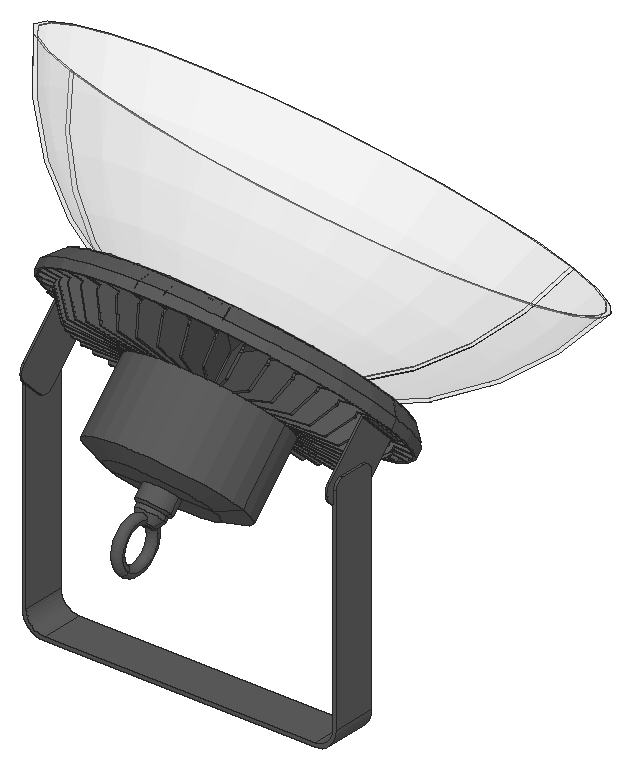
Revit family "0039347+0039353+0039358 Feilo Sylvania Lighting Fixture START HIGHBAY 4K 13KLM WIDE with BRACKET and PC LAMPSHADE TRANSPARENT", category Lighting Fixtures, host Face, Revit 2017
Family settings
  Host = Face
  Round Connector Dimension = Use Diameter
  Part Type = Normal
  OmniClass Number = 23.80.70.00
  OmniClass Title = Lighting
  Cut with Voids When Loaded = No
  Light Source = No
  Shared = No
  Room Calculation Point = No
Parameters (values of type "0039347+0039353+0039358 START HIGHBAY 4K 13KLM WIDE with BRACKET and PC LAMPSHADE TRANSPARENT ")
  Weight = "3.0 kg"
  Wattage Comments = ""
  WarrantyStartDate [instance] = "n/a"
  WarrantyGuarantorParts = "n/a"
  WarrantyDurationUnit = "n/a"
  WarrantyDurationParts = "n/a"
  WarrantyDescription = "n/a"
  Voltage = 230 V
  URL = "http://www.sylvania-lighting.com"
  TypeName = "START HIGHBAY 4K 13KLM WIDE with BRACKET and PC LAMPSHADE TRANSPARENT"
  TypeHead_FEILO = Start LED Highbay Head : 0039347+0039353+0039358 START HIGHBAY 4K 13KLM WIDE with BRACKET and PC LAMPSHADE TRANSPARENT 
  Type Image = <None>
  Type Comments = "n/a"
  TiltAngle_FEILO [instance] = 45.00°
  ThicknessBracketPlate_FEILO = 3 mm
  SizeBracketS_FEILO = yes
  SizeBracketM_FEILO = no
  SerialNumber [instance] = "n/a"
  RadiusBracketTop_FEILO = 7 mm
  RadiusBendOut_FEILO = if(SizeBracketS_FEILO, 18 mm, if(SizeBracketM_FEILO, 24 mm, 28 mm))  # 18 mm
  RadiusBendIn_FEILO = RadiusBendOut_FEILO - ThicknessBracketPlate_FEILO  # 15 mm
  Material_3_FEILO = none
  PowerFactor = 0.95
  PowerConsumption = "100 W"
  NominalLength = 270 mm
  NominalHeight = 170 mm
  NominalDepth = 270 mm
  Name = "START HIGHBAY 4K 13KLM WIDE with BRACKET and PC LAMPSHADE TRANSPARENT"
  ModelReference = Name  # "START HIGHBAY 4K 13KLM WIDE with BRACKET and PC LAMPSHADE TRANSPARENT"
  ModelNumber = "0039347+0039353+0039358"
  Model = Name  # "START HIGHBAY 4K 13KLM WIDE with BRACKET and PC LAMPSHADE TRANSPARENT"
  Material = "aluminium alloy housing, polycarbonate diffuser"
  ManufacturerName = "Feilo Sylvania"
  Manufacturer = "Feilo Sylvania"
  LuminousEfficacy = "130 lm/W"
  LuminaireType = ""
  LightOutputRatio = "n/a"
  LampsType = Lamp  # "LED"
  LampNominalLuminous = "13000 lm"
  LampMacAdamStep = "n/a"
  LampColourTemperature = "4000 K"
  LampColourRenderingIndex = "80"
  Lamp = "LED"
  Keynote = "16500"
  InstallationDate [instance] = "n/a"
  InputVoltage = "220-240V~"
  InputNominalFrequency = "50/60 Hz"
  IngressProtection = "IP65"
  ImpactProtectionIndex = "IK08"
  IfcExportType = "IfcLightFixtureType"
  IfcExportAs = "IfcLightFixtureType"
  ExpectedLife = 50000
  EndAngle_FEILO [instance] = TiltAngle_FEILO + 180.00°  # 225.00°
  ElectricShockClassification = "Class I"
  DurationUnit = "hours"
  DocumentationLiterature = "http://www.sylvania-lighting.com/product/en-int/products/0039347"
  DimmingControlOptions = "n/a"
  Material_2_FEILO = none
  Description = "START HIGHBAY, includes 1 m cables, black aluminium housing, 13000LM, 100W, 130lm/W, 4000K, Driver current: 2140mA, CR80, 90° beam angle, 1-10V dimmable,  IP65, IK08, 50,000 hrs (L70B50), (LxWxH) 270x270x170mm"
  Default Elevation = 1219.2 mm
  CreatedOn = "2/28/2018"
  CreatedBy = ""
  Cost = 0
  built-in parameter 1114216 [instance] = (empty or 0)
  ClassificationValue = "EF_70_80"
  ClassificationName = "Uniclass2015"
  Material_1_FEILO = Body-Sylvania-StartHighbay-Black
  BracketHeight_FEILO = if(SizeBracketS_FEILO, 199.5 mm, if(SizeBracketM_FEILO, 209.6 mm, 201.3 mm))  # 199.5 mm
  BracketDistanceInner_FEILO = if(SizeBracketS_FEILO, 249.4 mm, if(SizeBracketM_FEILO, 273.6 mm, 313.2 mm))  # 249.4 mm
  BarCode [instance] = "n/a"
  AssetType = "Fixed"
  AssetIdentifier [instance] = "n/a"
  Assembly Code = "D5020200"
  Apparent Load = 100 VA
  Material_4_FEILO = none
Reference planes
  plane 1 "Center (Front/Back)": y = 0
  plane 2: z = 0
  plane 3 "Center (Left/Right)": x = 0
  plane 4: x = -127.7
  plane 5: x = 127.7
  plane 6: z = 199.5
  plane 7: x = -124.7
  plane 8: z = 3
  plane 9: x = 124.7
  plane 10: y = 17.5
  plane 11: y = -17.5
  plane 12: y = -19.5
  plane 13: z = 201.5
  plane 14: y = 19.5
  plane 15: z = 190.5
Forms (mm)
  Extrusion 1, solid, material "Body-Sylvania-StartHighbay-Black" <- "Material_1_FEILO"
    sketch origin (0, 0, 0) x (1, 0, 0) y (0, 0, 1)
      loop
        line (-127.7, 199.5) -> (-127.7, 18)
        arc (-127.7, 18) -> (-122.428, 5.272) -> (-109.7, 0) r 18
        line (-109.7, 0) -> (109.7, 0)
        arc (109.7, 0) -> (122.428, 5.272) -> (127.7, 18) r 18
        line (127.7, 18) -> (127.7, 199.5) -> (124.7, 199.5) -> (124.7, 18)
        arc (124.7, 18) -> (120.307, 7.393) -> (109.7, 3) r 15
        line (109.7, 3) -> (-109.7, 3)
        arc (-109.7, 3) -> (-120.307, 7.393) -> (-124.7, 18) r 15
        line (-124.7, 18) -> (-124.7, 199.5) -> (-127.7, 199.5)
    from -17.5 to 17.5
  Extrusion 2, void
    sketch origin (0, 0, 0) x (0, 1, 0) y (0, 0, 1)
      loop
        arc (10.5, 199.5) -> (15.45, 197.45) -> (17.5, 192.5) r 7
        line (17.5, 192.5) -> (19.5, 192.5) -> (19.5, 201.5) -> (-19.5, 201.5) -> (-19.5, 192.5) -> (-17.5, 192.5)
        arc (-17.5, 192.5) -> (-15.45, 197.45) -> (-10.5, 199.5) r 7
        line (-10.5, 199.5) -> (10.5, 199.5)
    from -127.7 to 127.7
  Revolve 3, solid, not visible
    sketch origin (1223.4, -4572, 190.5) x (0, -1, 0) y (1, 0, 0)
      loop
        line (-4572, -1223.4) -> (-4591.5, -1223.4) -> (-4591.5, -1277.783) -> (-4572, -1277.783) -> (-4572, -1223.4)
      axis (-4572, -1223.4) -> (-4572, -1277.783)
    angle from 45 <- "TiltAngle_FEILO" to 225 <- "EndAngle_FEILO"
Cuts and joins
  Extrusion 2 cuts Extrusion 1
Dimensions and locks
  "BracketHeight_FEILO": plane 6 to plane 2
  equal spacing: plane 11, plane 1 "Center (Front/Back)", plane 10
  locked: plane 11 to plane 10 at 35
  equal spacing: plane 9, plane 3 "Center (Left/Right)", plane 7
  "BracketDistanceInner_FEILO": plane 9 to plane 7
  "ThicknessBracketPlate_FEILO": plane 7 to plane 4
  "ThicknessBracketPlate_FEILO": plane 8 to plane 2
  equal spacing: plane 5, plane 3 "Center (Left/Right)", plane 4
  equal spacing: plane 12, plane 1 "Center (Front/Back)", plane 14
  locked: plane 6 to plane 13 at 2
  locked: plane 12 to plane 11 at 2
  locked: plane 6 to plane 15 at 9
  "RadiusBendOut_FEILO": radius of Extrusion 1 sketch curve  (x2)
  "RadiusBendIn_FEILO": radius of Extrusion 1 sketch curve  (x2)
  "RadiusBracketTop_FEILO": radius of Extrusion 2 sketch curve  (x2)
  aligned and locked: plane 2 to host face
  aligned and locked: level to host face
  aligned and locked: Extrusion 1 sketch curve to plane 4
  aligned and locked: Extrusion 1 sketch curve to level
  aligned and locked: plane 6 to Extrusion 1 sketch curve
  aligned and locked: Extrusion 1 sketch curve to plane 6
  aligned and locked: Extrusion 1 sketch curve to plane 7
  aligned and locked: plane 9 to Extrusion 1 sketch curve
  aligned and locked: plane 8 to Extrusion 1 sketch curve
  aligned and locked: Extrusion 1 to plane 10
  aligned and locked: plane 11 to Extrusion 1
  aligned and locked: Extrusion 1 to Extrusion 2 sketch curve
  aligned and locked: plane 14 to Extrusion 2 sketch curve  (x2)
  aligned and locked: Extrusion 2 sketch curve to plane 12
  aligned and locked: plane 13 to Extrusion 2 sketch curve
  aligned and locked: plane 5 to Extrusion 2
  aligned and locked: Extrusion 2 to plane 4
  aligned and locked: Revolve 3 sketch curve to plane 1 "Center (Front/Back)"
  aligned and locked: Revolve 3 sketch curve to Revolve 3 sketch curve
  aligned and locked: plane 3 "Center (Left/Right)" to Revolve 3 sketch curve
  aligned and locked: Revolve 3 sketch curve to plane 14
  aligned and locked: nested 1 to plane 3 "Center (Left/Right)"
Automatic sketch dimensions
  host sketch curve to host sketch curve = 2438.4 mm  (x2)
  Revolve 3 sketch curve to Revolve 3 sketch curve = 54.383 mm
  Revolve 3 sketch curve to plane 4 = 1396.3 mm
  plane 5 to Revolve 3 sketch curve = 1396.3 mm
  Extrusion 1 sketch curve to Extrusion 1 sketch curve = 0 mm
  Extrusion 2 sketch curve to plane 11 = 0 mm
  Extrusion 2 sketch curve to plane 10 = 0 mm
Nested families
  nested 1: "Start LED Highbay Head" at (0, 0, 190.5) x (-1, 0, 0) z (0, 0.7071, 0.7071), type <- "TypeHead_FEILO", type "0039347+0039353+0039358 START HIGHBAY 4K 13KLM WIDE with BRACKET and PC LAMPSHADE TRANSPARENT "
    with built-in parameter 1114216 (empty or 0)
Connectors
  electrical at (0, 0, 0), driven by "Apparent Load", driven by "PowerFactor", driven by "Voltage"
    settings: index 1, voltage 230 V, apparent load 100 VA, apparent load phase1 0 VA, apparent load phase2 0 VA, apparent load phase3 0 VA, power factor 0.95, load classification "Lighting", number of poles 1, system type 30, power factor state 1, is connector primary yes, connector utility no, sub classification motor no, connector description ""
Definition of nested family "Start LED Highbay Head"
  Parameters (values of type "0039351+0039354+0039358 START HIGHBAY 6K 19KLM WIDE with BRACKET and PC LAMPSHADE TRANSPARENT ")
    X_FEILO = if(SizeS_FEILO, 60.3 mm, if(SizeM_FEILO, 70.4 mm, 83.5 mm))  # 70.4 mm
    WidthStraight_FEILO = if(SizeS_FEILO, 3 mm, if(SizeM_FEILO, 4 mm, 4.7 mm))  # 4 mm
    WidthRingChamfer_FEILO = if(SizeS_FEILO, 10.3 mm, if(SizeM_FEILO, 11.2 mm, 12.9 mm))  # 11.2 mm
    WidthCurved_FEILO = if(SizeS_FEILO, 17.4 mm, if(SizeM_FEILO, 16.4 mm, 26.2 mm))  # 16.4 mm
    WidthCurvedRing_FEILO = if(SizeS_FEILO, 3 mm, if(SizeM_FEILO, 4 mm, 4.7 mm))  # 4 mm
    WidthBracket_FEILO = 40 mm
    Wattage Comments = ""
    Wattage = 150 W
    built-in parameter 1150110 = 1 (stored number, unit not read)
    URL = "http://www.feilosylvania.com"
    Type Image = (empty or 0)
    Type Comments = "n/a"
    built-in parameter 1114217 = 1 (stored number, unit not read)
    Tilt Angle = -90.00°
    ThicknessWall_FEILO = 1.5 mm
    ThicknessBracket_FEILO = 1.5 mm
    ThicknessBracketHalf_FEILO = ThicknessBracket_FEILO / 2  # 0.75 mm
    built-in parameter 1150109 = 1 (stored number, unit not read)
    built-in parameter 1150134 = 1
    built-in parameter 1150113 = 1 (stored number, unit not read)
    SizeS_FEILO = no
    SizeM_FEILO = yes
    ShadeThickness_FEILO = 3 mm
    ShadeSizeSM_FEILO = or(SizeS_FEILO, SizeM_FEILO)  # yes
    ShadeRadiusOut_FEILO = 205 mm
    ShadeRadiusIn_FEILO = if(ShadeSizeSM_FEILO, 95 mm, 121 mm)  # 95 mm
    ShadeRadiusBend_FEILO = if(ShadeSizeSM_FEILO, 210 mm, 210 mm)  # 210 mm
    ShadeOn_FEILO = yes
    ShadeHeight_FEILO = if(ShadeSizeSM_FEILO, 120 mm, 151 mm)  # 120 mm
    Rib4_FEILO = if(SizeS_FEILO, 18.1 mm, if(SizeM_FEILO, 13.6 mm, 14.6 mm))  # 13.6 mm
    Rib3_FEILO = if(SizeS_FEILO, 15.3 mm, if(SizeM_FEILO, 17.6 mm, 20.2 mm))  # 17.6 mm
    Rib2_FEILO = if(SizeS_FEILO, 3.6 mm, if(SizeM_FEILO, 3.9 mm, 4.5 mm))  # 3.9 mm
    Rib1_FEILO = if(SizeS_FEILO, 15.1 mm, if(SizeM_FEILO, 16.5 mm, 19 mm))  # 16.5 mm
    RadiusDiffuser_FEILO = if(SizeS_FEILO, 95.2 mm, if(SizeM_FEILO, 105.3 mm, 120 mm))  # 105.3 mm
    RadiusArrayPost_FEILO = DriverRadius_FEILO - 6 mm  # 61.2 mm
    RHRadius3_FEILO = if(SizeS_FEILO, 6.6 mm, if(SizeM_FEILO, 7.4 mm, 8.6 mm))  # 7.4 mm
    RHRadius2_FEILO = if(SizeS_FEILO, 11 mm, if(SizeM_FEILO, 12 mm, 14 mm))  # 12 mm
    RHRadius1_FEILO = if(SizeS_FEILO, 13.6 mm, if(SizeM_FEILO, 14.9 mm, 17.7 mm))  # 14.9 mm
    RHHeight4_FEILO = if(SizeS_FEILO, 7.3 mm, if(SizeM_FEILO, 8 mm, 9.2 mm))  # 8 mm
    RHHeight3_FEILO = if(SizeS_FEILO, 3.6 mm, if(SizeM_FEILO, 3.7 mm, 4.6 mm))  # 3.7 mm
    RHHeight2_FEILO = if(SizeS_FEILO, 2 mm, if(SizeM_FEILO, 2.2 mm, 2.6 mm))  # 2.2 mm
    RHHeight1_FEILO = if(SizeS_FEILO, 11.8 mm, if(SizeM_FEILO, 15.3 mm, 17.4 mm))  # 15.3 mm
    Photometric Web File = "0039351+0039358.ies"
    Material_5_FEILO = none
    Material_3_FEILO = none
    Model = "START HIGHBAY 6K 19KLM WIDE with BRACKET and PC LAMPSHADE TRANSPARENT"
    Manufacturer = "Feilo Sylvania"
    built-in parameter 1150105 = 10854.2 (stored number, unit not read)
    Lumens = 19500 lm
    built-in parameter 1150115 = 1 (stored number, unit not read)
    built-in parameter 1150137 = (empty or 0)
    built-in parameter 1150139 = (empty or 0)
    built-in parameter 1150112 = 1 (stored number, unit not read)
    built-in parameter 1150114 = 1 (stored number, unit not read)
    Lamp = "LED"
    Keynote = "16500"
    built-in parameter 1150132 = (empty or 0)
    built-in parameter 1150102 = (empty or 0)
    built-in parameter 1150107 = 6500 (stored number, unit not read)
    built-in parameter 1150138 = (empty or 0)
    built-in parameter 1150106 = 108.54 (stored number, unit not read)
    HeightRing_FEILO = if(SizeS_FEILO, 19.8 mm, if(SizeM_FEILO, 32 mm, 36.8 mm))  # 32 mm
    HeightRingChamfer_FEILO = if(SizeS_FEILO, 11.7 mm, if(SizeM_FEILO, 23.2 mm, 26.6 mm))  # 23.2 mm
    EyeThickness_FEILO = if(SizeS_FEILO, 8.4 mm, if(SizeM_FEILO, 9.2 mm, 10.5 mm))  # 9.2 mm
    EyeThicknessHalf_FEILO = EyeThickness_FEILO / 2  # 4.6 mm
    EyeInner_FEILO = if(SizeS_FEILO, 13.8 mm, if(SizeM_FEILO, 15.1 mm, 17.3 mm))  # 15.1 mm
    Emit from Circle Diameter = RadiusDiffuser_FEILO * 2  # 210.6 mm
    Emit Shape Visible in Rendering = no
    built-in parameter 1150104 = 12.077 (stored number, unit not read)
    DriverVerticalStraight_FEILO = if(SizeS_FEILO, 46.5 mm, if(SizeM_FEILO, 49.7 mm, 57 mm))  # 49.7 mm
    DriverVerticalChamfer_FEILO = if(SizeS_FEILO, 7.5 mm, if(SizeM_FEILO, 8.2 mm, 9.5 mm))  # 8.2 mm
    DriverRadius_FEILO = if(SizeS_FEILO, 61.4 mm, if(SizeM_FEILO, 67.2 mm, 76.4 mm))  # 67.2 mm
    DriverRadiusTop_FEILO = if(SizeS_FEILO, 42 mm, if(SizeM_FEILO, 45.3 mm, 52.4 mm))  # 45.3 mm
    DriverBottom_FEILO = if(SizeS_FEILO, 56 mm, if(SizeM_FEILO, 64.5 mm, 74 mm))  # 64.5 mm
    Material_2_FEILO = none
    Radius_FEILO = if(SizeS_FEILO, 135 mm, if(SizeM_FEILO, 148 mm, 169.5 mm))  # 148 mm
    Dimming Lamp Color Temperature Shift = (empty or 0)
    DiameterWire_FEILO = 3 mm
    DiameterWireSupport_FEILO = 10 mm
    Description = "START HIGHBAY, includes 1 m cables, black aluminium housing, 19500LM, 150W, 130lm/W, 6500K, Driver current: 2140mA, CR80, 60° beam angle, 1-10V dimmable,  IP65, IK08, 50,000 hrs (L70B50), (LxWxH) 296x296x177mm"
    Default Elevation = 1219.2 mm
    Cost = 0
    Color Filter = 16777215
    built-in parameter 1114216 [instance] = (empty or 0)
    Material_1_FEILO = none
    built-in parameter 1114218 = 1 (stored number, unit not read)
    built-in parameter 1150133 = 10 (stored number, unit not read)
    Assembly Code = "D5020200"
    Apparent Load = 150 VA
    Material_4_FEILO = none
  Types (36, lengths in mm): name | X_FEILO | WidthStraight_FEILO | WidthRingChamfer_FEILO | WidthCurved_FEILO | WidthCurvedRing_FEILO | Wattage | built-in parameter 1150134 | SizeS_FEILO | SizeM_FEILO | ShadeSizeSM_FEILO | ShadeRadiusIn_FEILO | ShadeOn_FEILO | ShadeHeight_FEILO | Rib4_FEILO | Rib3_FEILO | Rib2_FEILO | Rib1_FEILO | RadiusDiffuser_FEILO | RadiusArrayPost_FEILO | RHRadius3_FEILO | RHRadius2_FEILO | RHRadius1_FEILO | RHHeight4_FEILO | RHHeight3_FEILO | RHHeight2_FEILO | RHHeight1_FEILO | Photometric Web File | Model | built-in parameter 1150105 | Lumens | built-in parameter 1150107 | built-in parameter 1150106 | HeightRing_FEILO | HeightRingChamfer_FEILO | EyeThickness_FEILO | EyeThicknessHalf_FEILO | EyeInner_FEILO | Emit from Circle Diameter | DriverVerticalStraight_FEILO | DriverVerticalChamfer_FEILO | DriverRadius_FEILO | DriverRadiusTop_FEILO | DriverBottom_FEILO | Radius_FEILO | Description | Apparent Load
    0039352+0039355+0039361 START HIGHBAY 6K 26KLM WIDE with BRACKET and PC LAMPSHADE TRANSPARENT | 83.5 | 4.7 | 12.9 | 26.2 | 4.7 | 200 W | 1 | no | no | no | 121 | yes | 151 | 14.6 | 20.2 | 4.5 | 19 | 120 | 70.4 | 8.6 | 14 | 17.7 | 9.2 | 4.6 | 2.6 | 17.4 | "0039352+0039361.ies" | "START HIGHBAY 6K 26KLM WIDE with BRACKET and PC LAMPSHADE TRANSPARENT" | 17911 (stored number, unit not read) | 26000 lm | 6500 (stored number, unit not read) | 179.11 (stored number, unit not read) | 36.8 | 26.6 | 10.5 | 5.25 | 17.3 | 240 | 57 | 9.5 | 76.4 | 52.4 | 74 | 169.5 | "START HIGHBAY, includes 1 m cables, black aluminium housing, 26000LM, 200W, 130lm/W, 6500K, Driver current: 5000mA, CR80, 60° beam angle, 1-10V dimmable,  IP65, IK08, 50,000 hrs (L70B50), (LxWxH) 339x339x194mm" | 200 VA
    0039352+0039355+0039360 START HIGHBAY 6K 26KLM WIDE with BRACKET and ALU SHADE BLACK COLOR | 83.5 | 4.7 | 12.9 | 26.2 | 4.7 | 200 W | 1 | no | no | no | 121 | yes | 151 | 14.6 | 20.2 | 4.5 | 19 | 120 | 70.4 | 8.6 | 14 | 17.7 | 9.2 | 4.6 | 2.6 | 17.4 | "0039352+0039360.ies" | "START HIGHBAY 6K 26KLM WIDE with BRACKET and ALU SHADE BLACK COLOR" | 14870 (stored number, unit not read) | 26000 lm | 6500 (stored number, unit not read) | 148.7 (stored number, unit not read) | 36.8 | 26.6 | 10.5 | 5.25 | 17.3 | 240 | 57 | 9.5 | 76.4 | 52.4 | 74 | 169.5 | "START HIGHBAY, includes 1 m cables, black aluminium housing, 26000LM, 200W, 130lm/W, 6500K, Driver current: 5000mA, CR80, 60° beam angle, 1-10V dimmable,  IP65, IK08, 50,000 hrs (L70B50), (LxWxH) 339x339x194mm" | 200 VA
    0039352+0039355+0039359 START HIGHBAY 6K 26KLM WIDE with BRACKET and ALU SHADE ALU COLOR | 83.5 | 4.7 | 12.9 | 26.2 | 4.7 | 200 W | 1 | no | no | no | 121 | yes | 151 | 14.6 | 20.2 | 4.5 | 19 | 120 | 70.4 | 8.6 | 14 | 17.7 | 9.2 | 4.6 | 2.6 | 17.4 | "0039352+0039359.ies" | "START HIGHBAY 6K 26KLM WIDE with BRACKET and ALU SHADE ALU COLOR" | 14870 (stored number, unit not read) | 26000 lm | 6500 (stored number, unit not read) | 148.7 (stored number, unit not read) | 36.8 | 26.6 | 10.5 | 5.25 | 17.3 | 240 | 57 | 9.5 | 76.4 | 52.4 | 74 | 169.5 | "START HIGHBAY, includes 1 m cables, black aluminium housing, 26000LM, 200W, 130lm/W, 6500K, Driver current: 5000mA, CR80, 60° beam angle, 1-10V dimmable,  IP65, IK08, 50,000 hrs (L70B50), (LxWxH) 339x339x194mm" | 200 VA
    0039352+0039355 START HIGHBAY 6K 26KLM WIDE with BRACKET | 83.5 | 4.7 | 12.9 | 26.2 | 4.7 | 200 W | 1 | no | no | no | 121 | no | 151 | 14.6 | 20.2 | 4.5 | 19 | 120 | 70.4 | 8.6 | 14 | 17.7 | 9.2 | 4.6 | 2.6 | 17.4 | "0039352.ies" | "START HIGHBAY 6K 26KLM WIDE with BRACKET" | 13836.2 (stored number, unit not read) | 26000 lm | 6500 (stored number, unit not read) | 138.36 (stored number, unit not read) | 36.8 | 26.6 | 10.5 | 5.25 | 17.3 | 240 | 57 | 9.5 | 76.4 | 52.4 | 74 | 169.5 | "START HIGHBAY, includes 1 m cables, black aluminium housing, 26000LM, 200W, 130lm/W, 6500K, Driver current: 5000mA, CR80, 60° beam angle, 1-10V dimmable,  IP65, IK08, 50,000 hrs (L70B50), (LxWxH) 339x339x194mm" | 200 VA
    0039351+0039354+0039358 START HIGHBAY 6K 19KLM WIDE with BRACKET and PC LAMPSHADE TRANSPARENT | 70.4 | 4 | 11.2 | 16.4 | 4 | 150 W | 1 | no | yes | yes | 95 | yes | 120 | 13.6 | 17.6 | 3.9 | 16.5 | 105.3 | 61.2 | 7.4 | 12 | 14.9 | 8 | 3.7 | 2.2 | 15.3 | "0039351+0039358.ies" | "START HIGHBAY 6K 19KLM WIDE with BRACKET and PC LAMPSHADE TRANSPARENT" | 10854.2 (stored number, unit not read) | 19500 lm | 6500 (stored number, unit not read) | 108.54 (stored number, unit not read) | 32 | 23.2 | 9.2 | 4.6 | 15.1 | 210.6 | 49.7 | 8.2 | 67.2 | 45.3 | 64.5 | 148 | "START HIGHBAY, includes 1 m cables, black aluminium housing, 19500LM, 150W, 130lm/W, 6500K, Driver current: 2140mA, CR80, 60° beam angle, 1-10V dimmable,  IP65, IK08, 50,000 hrs (L70B50), (LxWxH) 296x296x177mm" | 150 VA
    0039351+0039354+0039357 START HIGHBAY 6K 19KLM WIDE with BRACKET and ALU SHADE BLACK COLOR | 70.4 | 4 | 11.2 | 16.4 | 4 | 150 W | 1 | no | yes | yes | 95 | yes | 120 | 13.6 | 17.6 | 3.9 | 16.5 | 105.3 | 61.2 | 7.4 | 12 | 14.9 | 8 | 3.7 | 2.2 | 15.3 | "0039351+0039357.ies" | "START HIGHBAY 6K 19KLM WIDE with BRACKET and ALU SHADE BLACK COLOR" | 11152.5 (stored number, unit not read) | 19500 lm | 6500 (stored number, unit not read) | 111.52 (stored number, unit not read) | 32 | 23.2 | 9.2 | 4.6 | 15.1 | 210.6 | 49.7 | 8.2 | 67.2 | 45.3 | 64.5 | 148 | "START HIGHBAY, includes 1 m cables, black aluminium housing, 19500LM, 150W, 130lm/W, 6500K, Driver current: 2140mA, CR80, 60° beam angle, 1-10V dimmable,  IP65, IK08, 50,000 hrs (L70B50), (LxWxH) 296x296x177mm" | 150 VA
    0039351+0039354+0039356 START HIGHBAY 6K 19KLM WIDE with BRACKET and ALU SHADE ALU COLOR | 70.4 | 4 | 11.2 | 16.4 | 4 | 150 W | 1 | no | yes | yes | 95 | yes | 120 | 13.6 | 17.6 | 3.9 | 16.5 | 105.3 | 61.2 | 7.4 | 12 | 14.9 | 8 | 3.7 | 2.2 | 15.3 | "0039351+0039356.ies" | "START HIGHBAY 6K 19KLM WIDE with BRACKET and ALU SHADE ALU COLOR" | 11152.5 (stored number, unit not read) | 19500 lm | 6500 (stored number, unit not read) | 111.52 (stored number, unit not read) | 32 | 23.2 | 9.2 | 4.6 | 15.1 | 210.6 | 49.7 | 8.2 | 67.2 | 45.3 | 64.5 | 148 | "START HIGHBAY, includes 1 m cables, black aluminium housing, 19500LM, 150W, 130lm/W, 6500K, Driver current: 2140mA, CR80, 60° beam angle, 1-10V dimmable,  IP65, IK08, 50,000 hrs (L70B50), (LxWxH) 296x296x177mm" | 150 VA
    0039351+0039354 START HIGHBAY 6K 19KLM WIDE with BRACKET | 70.4 | 4 | 11.2 | 16.4 | 4 | 150 W | 1 | no | yes | yes | 95 | no | 120 | 13.6 | 17.6 | 3.9 | 16.5 | 105.3 | 61.2 | 7.4 | 12 | 14.9 | 8 | 3.7 | 2.2 | 15.3 | "0039351.ies" | "START HIGHBAY 6K 19KLM WIDE with BRACKET" | 10377.1 (stored number, unit not read) | 19500 lm | 6500 (stored number, unit not read) | 103.77 (stored number, unit not read) | 32 | 23.2 | 9.2 | 4.6 | 15.1 | 210.6 | 49.7 | 8.2 | 67.2 | 45.3 | 64.5 | 148 | "START HIGHBAY, includes 1 m cables, black aluminium housing, 19500LM, 150W, 130lm/W, 6500K, Driver current: 2140mA, CR80, 60° beam angle, 1-10V dimmable,  IP65, IK08, 50,000 hrs (L70B50), (LxWxH) 296x296x177mm" | 150 VA
    0039350+0039353+0039358 START HIGHBAY 6K 13KLM WIDE with BRACKET and PC LAMPSHADE TRANSPARENT | 60.3 | 3 | 10.3 | 17.4 | 3 | 100 W | 1 | yes | no | yes | 95 | yes | 120 | 18.1 | 15.3 | 3.6 | 15.1 | 95.2 | 55.4 | 6.6 | 11 | 13.6 | 7.3 | 3.6 | 2 | 11.8 | "0039350+0039358.ies" | "START HIGHBAY 6K 13KLM WIDE with BRACKET and PC LAMPSHADE TRANSPARENT" | 7236.1 (stored number, unit not read) | 13000 lm | 6500 (stored number, unit not read) | 72.361 (stored number, unit not read) | 19.8 | 11.7 | 8.4 | 4.2 | 13.8 | 190.4 | 46.5 | 7.5 | 61.4 | 42 | 56 | 135 | "START HIGHBAY, includes 1 m cables, black aluminium housing, 13000LM, 100W, 130lm/W, 6500K, Driver current: 2140mA, CR80, 60° beam angle, 1-10V dimmable,  IP65, IK08, 50,000 hrs (L70B50), (LxWxH) 270x270x170mm" | 100 VA
    0039350+0039353+0039357 START HIGHBAY 6K 13KLM WIDE with BRACKET and ALU SHADE BLACK COLOR | 60.3 | 3 | 10.3 | 17.4 | 3 | 100 W | 1 | yes | no | yes | 95 | yes | 120 | 18.1 | 15.3 | 3.6 | 15.1 | 95.2 | 55.4 | 6.6 | 11 | 13.6 | 7.3 | 3.6 | 2 | 11.8 | "0039350+0039357.ies" | "START HIGHBAY 6K 13KLM WIDE with BRACKET and ALU SHADE BLACK COLOR" | 7435 (stored number, unit not read) | 13000 lm | 6500 (stored number, unit not read) | 74.35 (stored number, unit not read) | 19.8 | 11.7 | 8.4 | 4.2 | 13.8 | 190.4 | 46.5 | 7.5 | 61.4 | 42 | 56 | 135 | "START HIGHBAY, includes 1 m cables, black aluminium housing, 13000LM, 100W, 130lm/W, 6500K, Driver current: 2140mA, CR80, 60° beam angle, 1-10V dimmable,  IP65, IK08, 50,000 hrs (L70B50), (LxWxH) 270x270x170mm" | 100 VA
    0039350+0039353+0039356 START HIGHBAY 6K 13KLM WIDE with BRACKET and ALU SHADE ALU COLOR | 60.3 | 3 | 10.3 | 17.4 | 3 | 100 W | 1 | yes | no | yes | 95 | yes | 120 | 18.1 | 15.3 | 3.6 | 15.1 | 95.2 | 55.4 | 6.6 | 11 | 13.6 | 7.3 | 3.6 | 2 | 11.8 | "0039350+0039356.ies" | "START HIGHBAY 6K 13KLM WIDE with BRACKET and ALU SHADE ALU COLOR" | 7435 (stored number, unit not read) | 13000 lm | 6500 (stored number, unit not read) | 74.35 (stored number, unit not read) | 19.8 | 11.7 | 8.4 | 4.2 | 13.8 | 190.4 | 46.5 | 7.5 | 61.4 | 42 | 56 | 135 | "START HIGHBAY, includes 1 m cables, black aluminium housing, 13000LM, 100W, 130lm/W, 6500K, Driver current: 2140mA, CR80, 60° beam angle, 1-10V dimmable,  IP65, IK08, 50,000 hrs (L70B50), (LxWxH) 270x270x170mm" | 100 VA
    0039350+0039353 START HIGHBAY 6K 13KLM WIDE with BRACKET | 60.3 | 3 | 10.3 | 17.4 | 3 | 100 W | 1 | yes | no | yes | 95 | no | 120 | 18.1 | 15.3 | 3.6 | 15.1 | 95.2 | 55.4 | 6.6 | 11 | 13.6 | 7.3 | 3.6 | 2 | 11.8 | "0039350.ies" | "START HIGHBAY 6K 13KLM WIDE with BRACKET" | 6918.1 (stored number, unit not read) | 13000 lm | 6500 (stored number, unit not read) | 69.181 (stored number, unit not read) | 19.8 | 11.7 | 8.4 | 4.2 | 13.8 | 190.4 | 46.5 | 7.5 | 61.4 | 42 | 56 | 135 | "START HIGHBAY, includes 1 m cables, black aluminium housing, 13000LM, 100W, 130lm/W, 6500K, Driver current: 2140mA, CR80, 60° beam angle, 1-10V dimmable,  IP65, IK08, 50,000 hrs (L70B50), (LxWxH) 270x270x170mm" | 100 VA
    0039349+0039355+0039361 START HIGHBAY 4K 26KLM WIDE with BRACKET and PC LAMPSHADE TRANSPARENT FOR | 83.5 | 4.7 | 12.9 | 26.2 | 4.7 | 200 W | 12 | no | no | no | 121 | yes | 151 | 14.6 | 20.2 | 4.5 | 19 | 120 | 70.4 | 8.6 | 14 | 17.7 | 9.2 | 4.6 | 2.6 | 17.4 | "0039349+0039361.ies" | "START HIGHBAY 4K 26KLM WIDE with BRACKET and PC LAMPSHADE TRANSPARENT FOR" | 17911 (stored number, unit not read) | 26000 lm | 4000 (stored number, unit not read) | 179.11 (stored number, unit not read) | 36.8 | 26.6 | 10.5 | 5.25 | 17.3 | 240 | 57 | 9.5 | 76.4 | 52.4 | 74 | 169.5 | "START HIGHBAY, includes 1 m cables, black aluminium housing, 26000LM, 200W, 130lm/W, 4000K, Driver current: 5000mA, CR80, 90° beam angle, 1-10V dimmable,  IP65, IK08, 50,000 hrs (L70B50), (LxWxH) 339x339x194mm" | 200 VA
    0039349+0039355+0039360 START HIGHBAY 4K 26KLM WIDE with BRACKET and ALU SHADE BLACK COLOR | 83.5 | 4.7 | 12.9 | 26.2 | 4.7 | 200 W | 12 | no | no | no | 121 | yes | 151 | 14.6 | 20.2 | 4.5 | 19 | 120 | 70.4 | 8.6 | 14 | 17.7 | 9.2 | 4.6 | 2.6 | 17.4 | "0039349+0039360.ies" | "START HIGHBAY 4K 26KLM WIDE with BRACKET and ALU SHADE BLACK COLOR" | 14870 (stored number, unit not read) | 26000 lm | 4000 (stored number, unit not read) | 148.7 (stored number, unit not read) | 36.8 | 26.6 | 10.5 | 5.25 | 17.3 | 240 | 57 | 9.5 | 76.4 | 52.4 | 74 | 169.5 | "START HIGHBAY, includes 1 m cables, black aluminium housing, 26000LM, 200W, 130lm/W, 4000K, Driver current: 5000mA, CR80, 90° beam angle, 1-10V dimmable,  IP65, IK08, 50,000 hrs (L70B50), (LxWxH) 339x339x194mm" | 200 VA
    0039349+0039355+0039359 START HIGHBAY 4K 26KLM WIDE with BRACKET and ALU SHADE ALU COLOR | 83.5 | 4.7 | 12.9 | 26.2 | 4.7 | 200 W | 12 | no | no | no | 121 | yes | 151 | 14.6 | 20.2 | 4.5 | 19 | 120 | 70.4 | 8.6 | 14 | 17.7 | 9.2 | 4.6 | 2.6 | 17.4 | "0039349+0039359.ies" | "START HIGHBAY 4K 26KLM WIDE with BRACKET and ALU SHADE ALU COLOR" | 14870 (stored number, unit not read) | 26000 lm | 4000 (stored number, unit not read) | 148.7 (stored number, unit not read) | 36.8 | 26.6 | 10.5 | 5.25 | 17.3 | 240 | 57 | 9.5 | 76.4 | 52.4 | 74 | 169.5 | "START HIGHBAY, includes 1 m cables, black aluminium housing, 26000LM, 200W, 130lm/W, 4000K, Driver current: 5000mA, CR80, 90° beam angle, 1-10V dimmable,  IP65, IK08, 50,000 hrs (L70B50), (LxWxH) 339x339x194mm" | 200 VA
    0039349+0039355 START HIGHBAY 4K 26KLM WIDE with BRACKET | 83.5 | 4.7 | 12.9 | 26.2 | 4.7 | 200 W | 12 | no | no | no | 121 | no | 151 | 14.6 | 20.2 | 4.5 | 19 | 120 | 70.4 | 8.6 | 14 | 17.7 | 9.2 | 4.6 | 2.6 | 17.4 | "0039349.ies" | "START HIGHBAY 4K 26KLM WIDE with BRACKET" | 13836.2 (stored number, unit not read) | 26000 lm | 4000 (stored number, unit not read) | 138.36 (stored number, unit not read) | 36.8 | 26.6 | 10.5 | 5.25 | 17.3 | 240 | 57 | 9.5 | 76.4 | 52.4 | 74 | 169.5 | "START HIGHBAY, includes 1 m cables, black aluminium housing, 26000LM, 200W, 130lm/W, 4000K, Driver current: 5000mA, CR80, 90° beam angle, 1-10V dimmable,  IP65, IK08, 50,000 hrs (L70B50), (LxWxH) 339x339x194mm" | 200 VA
    0039348+0039354+0039358 START HIGHBAY 4K 19KLM WIDE with BRACKET and PC LAMPSHADE TRANSPARENT | 70.4 | 4 | 11.2 | 16.4 | 4 | 150 W | 12 | no | yes | yes | 95 | yes | 120 | 13.6 | 17.6 | 3.9 | 16.5 | 105.3 | 61.2 | 7.4 | 12 | 14.9 | 8 | 3.7 | 2.2 | 15.3 | "0039348+0039358.ies" | "START HIGHBAY 4K 19KLM WIDE with BRACKET and PC LAMPSHADE TRANSPARENT" | 10854.2 (stored number, unit not read) | 19500 lm | 4000 (stored number, unit not read) | 108.54 (stored number, unit not read) | 32 | 23.2 | 9.2 | 4.6 | 15.1 | 210.6 | 49.7 | 8.2 | 67.2 | 45.3 | 64.5 | 148 | "START HIGHBAY, includes 1 m cables, black aluminium housing, 19500LM, 150W, 130lm/W, 4000K, Driver current: 3210mA, CR80, 90° beam angle, 1-10V dimmable,  IP65, IK08, 50,000 hrs (L70B50), (LxWxH) 296x296x177mm" | 150 VA
    0039348+0039354+0039357 START HIGHBAY 4K 19KLM WIDE with BRACKET and ALU SHADE BLACK COLOR | 70.4 | 4 | 11.2 | 16.4 | 4 | 150 W | 12 | no | yes | yes | 95 | yes | 120 | 13.6 | 17.6 | 3.9 | 16.5 | 105.3 | 61.2 | 7.4 | 12 | 14.9 | 8 | 3.7 | 2.2 | 15.3 | "0039348+0039357.ies" | "START HIGHBAY 4K 19KLM WIDE with BRACKET and ALU SHADE BLACK COLOR" | 11152.5 (stored number, unit not read) | 19500 lm | 4000 (stored number, unit not read) | 111.52 (stored number, unit not read) | 32 | 23.2 | 9.2 | 4.6 | 15.1 | 210.6 | 49.7 | 8.2 | 67.2 | 45.3 | 64.5 | 148 | "START HIGHBAY, includes 1 m cables, black aluminium housing, 19500LM, 150W, 130lm/W, 4000K, Driver current: 3210mA, CR80, 90° beam angle, 1-10V dimmable,  IP65, IK08, 50,000 hrs (L70B50), (LxWxH) 296x296x177mm" | 150 VA
    0039348+0039354+0039356 START HIGHBAY 4K 19KLM WIDE with BRACKET and ALU SHADE ALU COLOR | 70.4 | 4 | 11.2 | 16.4 | 4 | 150 W | 12 | no | yes | yes | 95 | yes | 120 | 13.6 | 17.6 | 3.9 | 16.5 | 105.3 | 61.2 | 7.4 | 12 | 14.9 | 8 | 3.7 | 2.2 | 15.3 | "0039348+0039356.ies" | "START HIGHBAY 4K 19KLM WIDE with BRACKET and ALU SHADE ALU COLOR" | 11152.5 (stored number, unit not read) | 19500 lm | 4000 (stored number, unit not read) | 111.52 (stored number, unit not read) | 32 | 23.2 | 9.2 | 4.6 | 15.1 | 210.6 | 49.7 | 8.2 | 67.2 | 45.3 | 64.5 | 148 | "START HIGHBAY, includes 1 m cables, black aluminium housing, 19500LM, 150W, 130lm/W, 4000K, Driver current: 3210mA, CR80, 90° beam angle, 1-10V dimmable,  IP65, IK08, 50,000 hrs (L70B50), (LxWxH) 296x296x177mm" | 150 VA
    0039348+0039354 START HIGHBAY 4K 19KLM WIDE with BRACKET | 70.4 | 4 | 11.2 | 16.4 | 4 | 150 W | 12 | no | yes | yes | 95 | no | 120 | 13.6 | 17.6 | 3.9 | 16.5 | 105.3 | 61.2 | 7.4 | 12 | 14.9 | 8 | 3.7 | 2.2 | 15.3 | "0039348.ies" | "START HIGHBAY 4K 19KLM WIDE with BRACKET" | 10377.1 (stored number, unit not read) | 19500 lm | 4000 (stored number, unit not read) | 103.77 (stored number, unit not read) | 32 | 23.2 | 9.2 | 4.6 | 15.1 | 210.6 | 49.7 | 8.2 | 67.2 | 45.3 | 64.5 | 148 | "START HIGHBAY, includes 1 m cables, black aluminium housing, 19500LM, 150W, 130lm/W, 4000K, Driver current: 3210mA, CR80, 90° beam angle, 1-10V dimmable,  IP65, IK08, 50,000 hrs (L70B50), (LxWxH) 296x296x177mm" | 150 VA
    0039347+0039353+0039358 START HIGHBAY 4K 13KLM WIDE with BRACKET and PC LAMPSHADE TRANSPARENT | 60.3 | 3 | 10.3 | 17.4 | 3 | 100 W | 12 | yes | no | yes | 95 | yes | 120 | 18.1 | 15.3 | 3.6 | 15.1 | 95.2 | 55.4 | 6.6 | 11 | 13.6 | 7.3 | 3.6 | 2 | 11.8 | "0039347+0039358.ies" | "START HIGHBAY 4K 13KLM WIDE with BRACKET and PC LAMPSHADE TRANSPARENT" | 7236.1 (stored number, unit not read) | 13000 lm | 4000 (stored number, unit not read) | 72.361 (stored number, unit not read) | 19.8 | 11.7 | 8.4 | 4.2 | 13.8 | 190.4 | 46.5 | 7.5 | 61.4 | 42 | 56 | 135 | "START HIGHBAY, includes 1 m cables, black aluminium housing, 13000LM, 100W, 130lm/W, 4000K, Driver current: 2140mA, CR80, 90° beam angle, 1-10V dimmable,  IP65, IK08, 50,000 hrs (L70B50), (LxWxH) 270x270x170mm" | 100 VA
    0039347+0039353+0039357 START HIGHBAY 4K 13KLM WIDE with BRACKET and ALU SHADE BLACK COLOR | 60.3 | 3 | 10.3 | 17.4 | 3 | 100 W | 12 | yes | no | yes | 95 | yes | 120 | 18.1 | 15.3 | 3.6 | 15.1 | 95.2 | 55.4 | 6.6 | 11 | 13.6 | 7.3 | 3.6 | 2 | 11.8 | "0039347+0039357.ies" | "START HIGHBAY 4K 13KLM WIDE with BRACKET and ALU SHADE BLACK COLOR" | 7435 (stored number, unit not read) | 13000 lm | 4000 (stored number, unit not read) | 74.35 (stored number, unit not read) | 19.8 | 11.7 | 8.4 | 4.2 | 13.8 | 190.4 | 46.5 | 7.5 | 61.4 | 42 | 56 | 135 | "START HIGHBAY, includes 1 m cables, black aluminium housing, 13000LM, 100W, 130lm/W, 4000K, Driver current: 2140mA, CR80, 90° beam angle, 1-10V dimmable,  IP65, IK08, 50,000 hrs (L70B50), (LxWxH) 270x270x170mm" | 100 VA
    0039347+0039353+0039356 START HIGHBAY 4K 13KLM WIDE with BRACKET and ALU SHADE ALU COLOR | 60.3 | 3 | 10.3 | 17.4 | 3 | 100 W | 12 | yes | no | yes | 95 | yes | 120 | 18.1 | 15.3 | 3.6 | 15.1 | 95.2 | 55.4 | 6.6 | 11 | 13.6 | 7.3 | 3.6 | 2 | 11.8 | "0039347+0039356.ies" | "START HIGHBAY 4K 13KLM WIDE with BRACKET and ALU SHADE ALU COLOR" | 7435 (stored number, unit not read) | 13000 lm | 4000 (stored number, unit not read) | 74.35 (stored number, unit not read) | 19.8 | 11.7 | 8.4 | 4.2 | 13.8 | 190.4 | 46.5 | 7.5 | 61.4 | 42 | 56 | 135 | "START HIGHBAY, includes 1 m cables, black aluminium housing, 13000LM, 100W, 130lm/W, 4000K, Driver current: 2140mA, CR80, 90° beam angle, 1-10V dimmable,  IP65, IK08, 50,000 hrs (L70B50), (LxWxH) 270x270x170mm" | 100 VA
    0039347+0039353 START HIGHBAY 4K 13KLM WIDE with BRACKET | 60.3 | 3 | 10.3 | 17.4 | 3 | 100 W | 12 | yes | no | yes | 95 | no | 120 | 18.1 | 15.3 | 3.6 | 15.1 | 95.2 | 55.4 | 6.6 | 11 | 13.6 | 7.3 | 3.6 | 2 | 11.8 | "0039347.ies" | "START HIGHBAY 4K 13KLM WIDE with BRACKET" | 6918.1 (stored number, unit not read) | 13000 lm | 4000 (stored number, unit not read) | 69.181 (stored number, unit not read) | 19.8 | 11.7 | 8.4 | 4.2 | 13.8 | 190.4 | 46.5 | 7.5 | 61.4 | 42 | 56 | 135 | "START HIGHBAY, includes 1 m cables, black aluminium housing, 13000LM, 100W, 130lm/W, 4000K, Driver current: 2140mA, CR80, 90° beam angle, 1-10V dimmable,  IP65, IK08, 50,000 hrs (L70B50), (LxWxH) 270x270x170mm" | 100 VA
    0039346+0039355+0039361 START HIGHBAY 4K 26KLM MEDIUM with BRACKET and PC LAMPSHADE TRANSPARENT | 83.5 | 4.7 | 12.9 | 26.2 | 4.7 | 200 W | 12 | no | no | no | 121 | yes | 151 | 14.6 | 20.2 | 4.5 | 19 | 120 | 70.4 | 8.6 | 14 | 17.7 | 9.2 | 4.6 | 2.6 | 17.4 | "0039346+0039361.ies" | "START HIGHBAY 4K 26KLM MEDIUM with BRACKET and PC LAMPSHADE TRANSPARENT" | 35142.4 (stored number, unit not read) | 26000 lm | 4000 (stored number, unit not read) | 351.42 (stored number, unit not read) | 36.8 | 26.6 | 10.5 | 5.25 | 17.3 | 240 | 57 | 9.5 | 76.4 | 52.4 | 74 | 169.5 | "START HIGHBAY, includes 1 m cables, black aluminium housing, 26000LM, 200W, 130lm/W, 4000K, Driver current: 5000mA, CR80, 60° beam angle, 1-10V dimmable,  IP65, IK08, 50,000 hrs (L70B50), (LxWxH) 339x339x194mm" | 200 VA
    0039346+0039355+0039360 START HIGHBAY 4K 26KLM MEDIUM with BRACKET and ALU SHADE BLACK COLOR | 83.5 | 4.7 | 12.9 | 26.2 | 4.7 | 200 W | 12 | no | no | no | 121 | yes | 151 | 14.6 | 20.2 | 4.5 | 19 | 120 | 70.4 | 8.6 | 14 | 17.7 | 9.2 | 4.6 | 2.6 | 17.4 | "0039346+0039360.ies" | "START HIGHBAY 4K 26KLM MEDIUM with BRACKET and ALU SHADE BLACK COLOR" | 35336 (stored number, unit not read) | 26000 lm | 4000 (stored number, unit not read) | 353.36 (stored number, unit not read) | 36.8 | 26.6 | 10.5 | 5.25 | 17.3 | 240 | 57 | 9.5 | 76.4 | 52.4 | 74 | 169.5 | "START HIGHBAY, includes 1 m cables, black aluminium housing, 26000LM, 200W, 130lm/W, 4000K, Driver current: 5000mA, CR80, 60° beam angle, 1-10V dimmable,  IP65, IK08, 50,000 hrs (L70B50), (LxWxH) 339x339x194mm" | 200 VA
    0039346+0039355+0039359 START HIGHBAY 4K 26KLM MEDIUM with BRACKET and ALU SHADE ALU COLOR | 83.5 | 4.7 | 12.9 | 26.2 | 4.7 | 200 W | 12 | no | no | no | 121 | yes | 151 | 14.6 | 20.2 | 4.5 | 19 | 120 | 70.4 | 8.6 | 14 | 17.7 | 9.2 | 4.6 | 2.6 | 17.4 | "0039346+0039359.ies" | "START HIGHBAY 4K 26KLM MEDIUM with BRACKET and ALU SHADE ALU COLOR" | 35336 (stored number, unit not read) | 26000 lm | 4000 (stored number, unit not read) | 353.36 (stored number, unit not read) | 36.8 | 26.6 | 10.5 | 5.25 | 17.3 | 240 | 57 | 9.5 | 76.4 | 52.4 | 74 | 169.5 | "START HIGHBAY, includes 1 m cables, black aluminium housing, 26000LM, 200W, 130lm/W, 4000K, Driver current: 5000mA, CR80, 60° beam angle, 1-10V dimmable,  IP65, IK08, 50,000 hrs (L70B50), (LxWxH) 339x339x194mm" | 200 VA
    0039346+0039355 START HIGHBAY 4K 26KLM MEDIUM with BRACKET | 83.5 | 4.7 | 12.9 | 26.2 | 4.7 | 200 W | 12 | no | no | no | 121 | no | 151 | 14.6 | 20.2 | 4.5 | 19 | 120 | 70.4 | 8.6 | 14 | 17.7 | 9.2 | 4.6 | 2.6 | 17.4 | "0039346.ies" | "START HIGHBAY 4K 26KLM MEDIUM with BRACKET" | 32161 (stored number, unit not read) | 26000 lm | 4000 (stored number, unit not read) | 321.61 (stored number, unit not read) | 36.8 | 26.6 | 10.5 | 5.25 | 17.3 | 240 | 57 | 9.5 | 76.4 | 52.4 | 74 | 169.5 | "START HIGHBAY, includes 1 m cables, black aluminium housing, 26000LM, 200W, 130lm/W, 4000K, Driver current: 5000mA, CR80, 60° beam angle, 1-10V dimmable,  IP65, IK08, 50,000 hrs (L70B50), (LxWxH) 339x339x194mm" | 200 VA
    0039345+0039354+0039358 START HIGHBAY 4K 19KLM MEDIUM with BRACKET and PC LAMPSHADE TRANSPARENT | 70.4 | 4 | 11.2 | 16.4 | 4 | 150 W | 12 | no | yes | yes | 95 | yes | 120 | 13.6 | 17.6 | 3.9 | 16.5 | 105.3 | 61.2 | 7.4 | 12 | 14.9 | 8 | 3.7 | 2.2 | 15.3 | "0039345+0039358.ies" | "START HIGHBAY 4K 19KLM MEDIUM with BRACKET and PC LAMPSHADE TRANSPARENT" | 24535.9 (stored number, unit not read) | 19500 lm | 4000 (stored number, unit not read) | 245.36 (stored number, unit not read) | 32 | 23.2 | 9.2 | 4.6 | 15.1 | 210.6 | 49.7 | 8.2 | 67.2 | 45.3 | 64.5 | 148 | "START HIGHBAY, includes 1 m cables, black aluminium housing, 19500LM, 150W, 130lm/W, 4000K, Driver current: 3210mA, CR80, 60° beam angle, 1-10V dimmable,  IP65, IK08, 50,000 hrs (L70B50), (LxWxH) 296x296x177mm" | 150 VA
    0039345+0039354+0039357 START HIGHBAY 4K 19KLM MEDIUM with BRACKET and ALU SHADE BLACK COLOR | 70.4 | 4 | 11.2 | 16.4 | 4 | 150 W | 12 | no | yes | yes | 95 | yes | 120 | 13.6 | 17.6 | 3.9 | 16.5 | 105.3 | 61.2 | 7.4 | 12 | 14.9 | 8 | 3.7 | 2.2 | 15.3 | "0039345+0039357.ies" | "START HIGHBAY 4K 19KLM MEDIUM with BRACKET and ALU SHADE BLACK COLOR" | 26502 (stored number, unit not read) | 19500 lm | 4000 (stored number, unit not read) | 265.02 (stored number, unit not read) | 32 | 23.2 | 9.2 | 4.6 | 15.1 | 210.6 | 49.7 | 8.2 | 67.2 | 45.3 | 64.5 | 148 | "START HIGHBAY, includes 1 m cables, black aluminium housing, 19500LM, 150W, 130lm/W, 4000K, Driver current: 3210mA, CR80, 60° beam angle, 1-10V dimmable,  IP65, IK08, 50,000 hrs (L70B50), (LxWxH) 296x296x177mm" | 150 VA
    0039345+0039354+0039356 START HIGHBAY 4K 19KLM MEDIUM with BRACKET and ALU SHADE ALU COLOR | 70.4 | 4 | 11.2 | 16.4 | 4 | 150 W | 12 | no | yes | yes | 95 | yes | 120 | 13.6 | 17.6 | 3.9 | 16.5 | 105.3 | 61.2 | 7.4 | 12 | 14.9 | 8 | 3.7 | 2.2 | 15.3 | "0039345+0039356.ies" | "START HIGHBAY 4K 19KLM MEDIUM with BRACKET and ALU SHADE ALU COLOR" | 26502 (stored number, unit not read) | 19500 lm | 4000 (stored number, unit not read) | 265.02 (stored number, unit not read) | 32 | 23.2 | 9.2 | 4.6 | 15.1 | 210.6 | 49.7 | 8.2 | 67.2 | 45.3 | 64.5 | 148 | "START HIGHBAY, includes 1 m cables, black aluminium housing, 19500LM, 150W, 130lm/W, 4000K, Driver current: 3210mA, CR80, 60° beam angle, 1-10V dimmable,  IP65, IK08, 50,000 hrs (L70B50), (LxWxH) 296x296x177mm" | 150 VA
    0039345+0039354 START HIGHBAY 4K 19KLM MEDIUM with BRACKET | 70.4 | 4 | 11.2 | 16.4 | 4 | 150 W | 12 | no | yes | yes | 95 | no | 120 | 13.6 | 17.6 | 3.9 | 16.5 | 105.3 | 61.2 | 7.4 | 12 | 14.9 | 8 | 3.7 | 2.2 | 15.3 | "0039345.ies" | "START HIGHBAY 4K 19KLM MEDIUM with BRACKET" | 24120.8 (stored number, unit not read) | 19500 lm | 4000 (stored number, unit not read) | 241.21 (stored number, unit not read) | 32 | 23.2 | 9.2 | 4.6 | 15.1 | 210.6 | 49.7 | 8.2 | 67.2 | 45.3 | 64.5 | 148 | "START HIGHBAY, includes 1 m cables, black aluminium housing, 19500LM, 150W, 130lm/W, 4000K, Driver current: 3210mA, CR80, 60° beam angle, 1-10V dimmable,  IP65, IK08, 50,000 hrs (L70B50), (LxWxH) 296x296x177mm" | 150 VA
    0039344+0039353+0039358 START HIGHBAY 4K 13KLM MEDIUM with BRACKET and PC LAMPSHADE TRANSPARENT | 60.3 | 3 | 10.3 | 17.4 | 3 | 100 W | 12 | yes | no | yes | 95 | yes | 120 | 18.1 | 15.3 | 3.6 | 15.1 | 95.2 | 55.4 | 6.6 | 11 | 13.6 | 7.3 | 3.6 | 2 | 11.8 | "0039344+0039358.ies" | "START HIGHBAY 4K 13KLM MEDIUM with BRACKET and PC LAMPSHADE TRANSPARENT" | 17571.2 (stored number, unit not read) | 13000 lm | 4000 (stored number, unit not read) | 175.71 (stored number, unit not read) | 19.8 | 11.7 | 8.4 | 4.2 | 13.8 | 190.4 | 46.5 | 7.5 | 61.4 | 42 | 56 | 135 | "START HIGHBAY, includes 1 m cables, black aluminium housing, 13000LM, 100W, 130lm/W, 4000K, Driver current: 2140mA, CR80, 60° beam angle, 1-10V dimmable,  IP65, IK08, 50,000 hrs (L70B50), (LxWxH) 270x270x170mm" | 100 VA
    0039344+0039353+0039357 START HIGHBAY 4K 13KLM MEDIUM with BRACKET and ALU SHADE BLACK COLOR | 60.3 | 3 | 10.3 | 17.4 | 3 | 100 W | 12 | yes | no | yes | 95 | yes | 120 | 18.1 | 15.3 | 3.6 | 15.1 | 95.2 | 55.4 | 6.6 | 11 | 13.6 | 7.3 | 3.6 | 2 | 11.8 | "0039344+0039357.ies" | "START HIGHBAY 4K 13KLM MEDIUM with BRACKET and ALU SHADE BLACK COLOR" | 17668 (stored number, unit not read) | 13000 lm | 4000 (stored number, unit not read) | 176.68 (stored number, unit not read) | 19.8 | 11.7 | 8.4 | 4.2 | 13.8 | 190.4 | 46.5 | 7.5 | 61.4 | 42 | 56 | 135 | "START HIGHBAY, includes 1 m cables, black aluminium housing, 13000LM, 100W, 130lm/W, 4000K, Driver current: 2140mA, CR80, 60° beam angle, 1-10V dimmable,  IP65, IK08, 50,000 hrs (L70B50), (LxWxH) 270x270x170mm" | 100 VA
    0039344+0039353+0039356 START HIGHBAY 4K 13KLM MEDIUM with BRACKET and ALU SHADE ALU COLOR | 60.3 | 3 | 10.3 | 17.4 | 3 | 100 W | 12 | yes | no | yes | 95 | yes | 120 | 18.1 | 15.3 | 3.6 | 15.1 | 95.2 | 55.4 | 6.6 | 11 | 13.6 | 7.3 | 3.6 | 2 | 11.8 | "0039344+0039356.ies" | "START HIGHBAY 4K 13KLM MEDIUM with BRACKET and ALU SHADE ALU COLOR" | 17668 (stored number, unit not read) | 13000 lm | 4000 (stored number, unit not read) | 176.68 (stored number, unit not read) | 19.8 | 11.7 | 8.4 | 4.2 | 13.8 | 190.4 | 46.5 | 7.5 | 61.4 | 42 | 56 | 135 | "START HIGHBAY, includes 1 m cables, black aluminium housing, 13000LM, 100W, 130lm/W, 4000K, Driver current: 2140mA, CR80, 60° beam angle, 1-10V dimmable,  IP65, IK08, 50,000 hrs (L70B50), (LxWxH) 270x270x170mm" | 100 VA
    0039344+0039353 START HIGHBAY 4K 13KLM MEDIUM with BRACKET | 60.3 | 3 | 10.3 | 17.4 | 3 | 100 W | 12 | yes | no | yes | 95 | no | 120 | 18.1 | 15.3 | 3.6 | 15.1 | 95.2 | 55.4 | 6.6 | 11 | 13.6 | 7.3 | 3.6 | 2 | 11.8 | "0039344.ies" | "START HIGHBAY 4K 13KLM MEDIUM with BRACKET" | 16080.5 (stored number, unit not read) | 13000 lm | 4000 (stored number, unit not read) | 160.81 (stored number, unit not read) | 19.8 | 11.7 | 8.4 | 4.2 | 13.8 | 190.4 | 46.5 | 7.5 | 61.4 | 42 | 56 | 135 | "START HIGHBAY, includes 1 m cables, black aluminium housing, 13000LM, 100W, 130lm/W, 4000K, Driver current: 2140mA, CR80, 60° beam angle, 1-10V dimmable,  IP65, IK08, 50,000 hrs (L70B50), (LxWxH) 270x270x170mm" | 100 VA
  Reference planes
    plane 1 "Center (Front/Back)": y = 0
    plane 2: z = 0
    plane 3 "Center (Left/Right)": x = 0
    plane 4: z = 70.4
    plane 5: x = -148
    plane 6: x = -136.8
    plane 7: z = 47.2
    plane 8: z = 38.4
    plane 9: x = -132.8
    plane 10: z = 67.775
    plane 11: x = -116.4
    plane 12: x = -105.3
    plane 13: x = -128.8
    plane 14: z = 68.775
    plane 15: z = 66.775
    plane 16: x = -102.3
    plane 17: z = 65.775
    plane 18: x = -146.5
    plane 19: x = -131.5
    plane 20: z = 34.5
    plane 21: x = -113.9
    plane 22: z = 20.9
    plane 23: x = -20
    plane 24: z = 5.9
    plane 25: x = -67.2
    plane 26: z = -43.8
    plane 27: x = -45.3
    plane 28: z = -52
    plane 29: x = -14.9
    plane 30: z = -67.3
    plane 31: z = -69.5
    plane 32: x = -12
    plane 33: z = -73.2
    plane 34: z = -81.2
    plane 35: x = -7.4
    plane 36: z = -96.3
    plane 37: z = -111.4
    plane 38: x = 4.6
    plane 39: x = -4.6
    plane 40: z = -120.6
    plane 41: z = -116
    plane 42: x = -141.65
    plane 43: x = -145.5
    plane 44: z = 36.9
    plane 45: x = -135.3
    plane 46: z = -18.95
    plane 47: y = -20
    plane 48: y = 20
    plane 49: x = 148
    plane 50: x = 136.8
    plane 51: x = 146.5
    plane 52: x = 141.65
    plane 53: x = 145.5
    plane 54: x = 135.3
    plane 55: x = -205
    plane 56: z = 190.4
    plane 57: x = -95
    plane 58: x = -87
    plane 59: x = -202
    plane 60: z = 73.4
  Forms (mm)
    Extrusion 1, solid
      sketch origin (4.2, 0, 0) x (1, 0, 0) y (0, 1, 0)
        loop
          line (-1219.2, 1219.2) -> (-1219.2, -1219.2) -> (1219.2, -1219.2) -> (1219.2, 1219.2) -> (-1219.2, 1219.2)
      from 0 to -68.017
    Revolve 2, solid, material <- "Material_1_FEILO", detail levels medium+fine
      sketch origin (0, 0, 0) x (1, 0, 0) y (0, 0, 1)
        loop
          line (-148, 38.4) -> (-146.5, 38.4) -> (-146.5, 46.857) -> (-136.402, 67.775) -> (-128.8, 67.775) -> (-128.8, 69.259)
          arc (-128.8, 69.259) -> (-130.811, 69.79) -> (-132.8, 70.4) r 52.543
          line (-132.8, 70.4) -> (-136.341, 70.4)
          arc (-136.341, 70.4) -> (-136.831, 70.225) -> (-137.099, 69.78) r 0.774
          line (-137.099, 69.78) -> (-148, 47.2) -> (-148, 38.4)
        axis (0, 70.4) -> (0, 38.4)
      angle from 360 to 0
    Revolve 3, solid, material <- "Material_1_FEILO", detail levels medium+fine
      sketch origin (0, 0, 0) x (1, 0, 0) y (0, 0, 1)
        loop
          line (-116.4, 65.775) -> (-105.3, 65.775) -> (-105.3, 47.2) -> (0, 47.2) -> (0, 65.775) -> (-102.3, 65.775) -> (-102.3, 66.775) -> (-105.3, 66.775) -> (-105.3, 67.775) -> (-116.4, 67.775) -> (-116.4, 65.775)
        axis (0, 67.775) -> (0, 47.2)
      angle from 360 to 0
    Revolve 4, solid, material <- "Material_2_FEILO", detail levels medium+fine
      sketch origin (0, 0, 0) x (1, 0, 0) y (0, 0, 1)
        loop
          line (-105.3, 66.775) -> (0, 66.775) -> (0, 68.775) -> (-105.3, 68.775) -> (-105.3, 66.775)
        axis (0, 68.775) -> (0, 66.775)
      angle from 360 to 0
    Revolve 5, solid, material <- "Material_1_FEILO"
      sketch origin (0, 0, 0) x (1, 0, 0) y (0, 0, 1)
        loop
          line (-67.2, 20.9) -> (-67.2, -43.8) -> (-45.3, -52) -> (-14.9, -52) -> (-14.9, -67.3) -> (-12, -69.5) -> (-12, -73.2) -> (-7.837, -80.474)
          arc (-7.837, -80.474) -> (-7.29, -81.006) -> (-6.553, -81.2) r 1.5
          line (-6.553, -81.2) -> (0, -81.2) -> (0, 20.9) -> (-67.2, 20.9)
        axis (0, 20.9) -> (0, -81.2)
      angle from 360 to 0
    Revolve 6, solid, material <- "Material_1_FEILO"
      sketch origin (0, 0, 0) x (1, 0, 0) y (0, 0, 1)
        loop
          circle (0, -116) r 4.6
        axis (4.6, -96.3) -> (-4.6, -96.3)
      angle from 360 to 0
    Extrusion 7, solid, material <- "Material_1_FEILO"
      sketch origin (0, 0, 0) x (1, 0, 0) y (0, 0, 1)
        loop
          line (-145.5, 38.4) -> (-145.5, 36.9) -> (-137.55, 36.9)
          arc (-137.55, 36.9) -> (-137.02, 36.68) -> (-136.8, 36.15) r 0.75
          line (-136.8, 36.15) -> (-136.8, -18.95) -> (-135.3, -18.95) -> (-135.3, 36.9)
          arc (-135.3, 36.9) -> (-135.739, 37.961) -> (-136.8, 38.4) r 1.5
          line (-136.8, 38.4) -> (-145.5, 38.4)
        loop
          line (145.5, 38.4) -> (136.8, 38.4)
          arc (136.8, 38.4) -> (135.739, 37.961) -> (135.3, 36.9) r 1.5
          line (135.3, 36.9) -> (135.3, -18.95) -> (136.8, -18.95) -> (136.8, 36.15)
          arc (136.8, 36.15) -> (137.02, 36.68) -> (137.55, 36.9) r 0.75
          line (137.55, 36.9) -> (145.5, 36.9) -> (145.5, 38.4)
      from -20 to 20
    Extrusion 8, void
      sketch origin (0, 0, 0) x (0, 1, 0) y (0, 0, 1)
        loop
          arc (-10, -18.95) -> (-17.071, -16.021) -> (-20, -8.95) r 10
          line (-20, -8.95) -> (-25, -8.95) -> (-25, -23.95) -> (-10, -23.95) -> (-10, -18.95)
        loop
          line (10, -18.95) -> (10, -23.95) -> (25, -23.95) -> (25, -8.95) -> (20, -8.95)
          arc (20, -8.95) -> (17.071, -16.021) -> (10, -18.95) r 10
      from -136.8 to 136.8
    Revolve 9, solid, material <- "Material_1_FEILO", detail levels coarse
      sketch origin (0, 0, 0) x (1, 0, 0) y (0, 0, 1)
        loop
          line (0, 70.4) -> (-136.8, 70.4) -> (-148, 47.2) -> (-148, 38.4) -> (-131.5, 38.4) -> (-131.5, 34.5) -> (-113.9, 20.9) -> (0, 20.9) -> (0, 70.4)
        axis (0, 70.4) -> (0, 20.9)
      angle from 360 to 0
    Revolve 10, solid, material <- "Material_4_FEILO", visible <- "ShadeOn_FEILO"
      sketch origin (0, 0, 0) x (1, 0, 0) y (0, 0, 1)
        loop
          line (-95, 70.4) -> (-87, 70.4) -> (-87, 73.4) -> (-94.341, 73.4)
          arc (-94.341, 73.4) -> (-159.747, 121.18) -> (-201.81, 190.4) r 207
          line (-201.81, 190.4) -> (-205, 190.4)
          arc (-205, 190.4) -> (-162.101, 119.308) -> (-95, 70.4) r 210
        axis (0, 190.4) -> (0, 70.4)
      angle from 360 to 0
  Cuts and joins
    Extrusion 8 cuts Extrusion 7
  Lines and regions (mm)
    reference lines
      curve 1: line (-148, 0, 47.2) -> (-136.8, 0, 70.4)
      curve 2: line (-116.4, 0, 67.775) -> (0, 0, 67.775)
      curve 3: arc (-116.4, 0, 67.775) -> (-124.704, 0, 68.435) -> (-132.8, 0, 70.4) r 52.543
      curve 4: line (-136.8, 0, 70.4) -> (-132.8, 0, 70.4)
      curve 5: line (-136.402, 0, 67.775) -> (-146.5, 0, 46.857)
      curve 6: line (-131.5, 0, 34.5) -> (-113.9, 0, 20.9)
      curve 7: line (-12, 0, -73.2) -> (-7.4, 0, -81.2)
      curve 8: circle (0, 0, -116) r 4.6 normal (0, -1, 0)
      curve 9: arc (-95, 0, 70.4) -> (-162.101, 0, 119.308) -> (-205, 0, 190.4) r 210
  Dimensions and locks
    "Radius_FEILO": plane 3 "Center (Left/Right)" to plane 5
    "WidthRingChamfer_FEILO": plane 6 to plane 5
    "WidthStraight_FEILO": plane 9 to plane 6
    "WidthCurvedRing_FEILO": plane 13 to plane 9
    locked: plane 10 to plane 15 at 1
    locked: plane 14 to plane 10 at 1
    locked: plane 4 to plane 10 at 2.625
    locked: plane 15 to plane 17 at 1
    "ThicknessWall_FEILO": plane 18 to plane 5
    "ThicknessWall_FEILO": curve 5 to curve 1
    "HeightRingChamfer_FEILO": plane 4 to plane 7
    "HeightRing_FEILO": plane 4 to plane 8
    "RadiusDiffuser_FEILO": plane 3 "Center (Left/Right)" to plane 12
    locked: plane 16 to plane 12 at 3
    "WidthCurved_FEILO": plane 11 to plane 9
    "X_FEILO": plane 4 to plane 2
    "Rib1_FEILO": plane 19 to plane 5
    "Rib2_FEILO": plane 8 to plane 20
    "Rib3_FEILO": plane 21 to plane 19
    "Rib4_FEILO": plane 20 to plane 22
    locked: plane 3 "Center (Left/Right)" to plane 23 at 20
    "DriverBottom_FEILO": plane 4 to plane 24
    "DriverRadius_FEILO": plane 3 "Center (Left/Right)" to plane 25
    "DriverVerticalStraight_FEILO": plane 24 to plane 26
    "DriverRadiusTop_FEILO": plane 3 "Center (Left/Right)" to plane 27
    "DriverVerticalChamfer_FEILO": plane 26 to plane 28
    "RHRadius1_FEILO": plane 3 "Center (Left/Right)" to plane 29
    "RHHeight2_FEILO": plane 30 to plane 31
